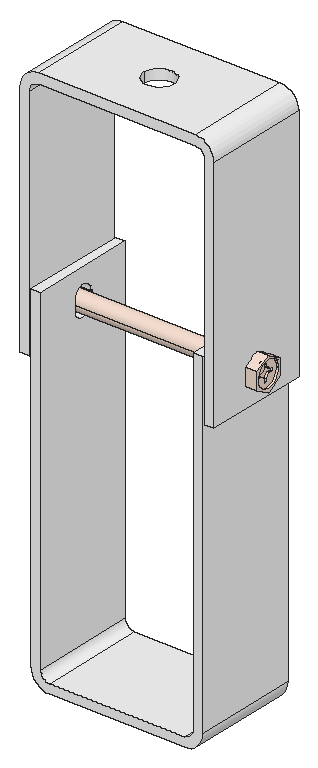
Revit family "boxhanger_100x50x20", category 機械設備, Revit 2022
Family settings
  丸型コネクタ寸法 = 直径を使用
  種別 = なし
  パーツ タイプ = 標準
  作業面ベース = いいえ
  常に垂直 = はい
  ロード時にボイドで切り取り = いいえ
  注釈の向きを維持 = いいえ
  共有 = いいえ
  部屋計算ポイント = いいえ
Parameters
  製造元 = "株式会社桐井製作所"
  既定の高さ = 0 mm
  URL = "https://www.kirii.co.jp/"
  K_角度 [instance] = 90.00°
  K_材質 = "SGHC　一般用"
  K_品名 = "100×50×20ボックスハンガー"
  K_名称 = "その他ハンガー"
  K_入数 = "50"
  K_バージョン情報 = "20211012"
  K_めっき付着量 = "Z12"
  K_JIS規格 = "JIS G 3302"
Reference planes
  plane 1 "中心(正面/背面)": y = 0
  plane 2: z = 0
  plane 3 "中心(左/右)": x = 0
Dimensions and locks
  "K_角度": angle nested 2 to plane 2
  aligned and locked: level to plane 2
Nested families
  nested 1: "100BOXハンガー上部金具" at (0, 0, 0), type "100BOXハンガー上部金具"
  nested 2: "100BOXハンガー下部金具" at (0, 0, 0), type "100BOXハンガー下部金具"
Definition of nested family "100BOXハンガー上部金具"
  Parameters (values of type "100BOXハンガー上部金具")
    Manufacturer = "株式会社桐井製作所"
    Default Elevation = 0 mm
    URL = "https://www.kirii.co.jp/"
    K_名称 = "100ボックスハンガー上部金具"
    K_バージョン情報 = "20211012"
  Reference planes
    plane 1 "中心(正面/背面)": y = 0
    plane 2: z = 0
    plane 3 "中心(左/右)": x = 0
  Forms (mm)
    Extrusion 1, solid
      sketch origin (0, 0, 0) x (1, 0, 0) y (0, 0, 1)
        loop
          arc (-26, 75) -> (-30.384, 73.184) -> (-32.2, 68.8) r 6.2
          line (-32.2, 68.8) -> (-32.2, -10) -> (-29, -10) -> (-29, 68.8)
          arc (-29, 68.8) -> (-28.121, 70.921) -> (-26, 71.8) r 3
          line (-26, 71.8) -> (26, 71.8)
          arc (26, 71.8) -> (28.121, 70.921) -> (29, 68.8) r 3
          line (29, 68.8) -> (29, -10) -> (32.2, -10) -> (32.2, 68.8)
          arc (32.2, 68.8) -> (30.384, 73.184) -> (26, 75) r 6.2
          line (26, 75) -> (-26, 75)
      from -17.5 to 17.5
    Extrusion 2, void
      sketch origin (0, 0, 0) x (0, 1, 0) y (0, 0, 1)
        loop
          arc (3.5, 1.5) -> (0, 5) -> (-3.5, 1.5) r 3.5
          line (-3.5, 1.5) -> (-3.5, -1.5)
          arc (-3.5, -1.5) -> (0, -5) -> (3.5, -1.5) r 3.5
          line (3.5, -1.5) -> (3.5, 1.5)
      from 29 to 32.2
    Extrusion 3, void
      sketch origin (-41.2, 0, 0) x (0, 1, 0) y (0, 0, 1)
        loop
          arc (3.5, 1.5) -> (0, 5) -> (-3.5, 1.5) r 3.5
          line (-3.5, 1.5) -> (-3.5, -1.5)
          arc (-3.5, -1.5) -> (0, -5) -> (3.5, -1.5) r 3.5
          line (3.5, -1.5) -> (3.5, 1.5)
      from 9 to 12.2
    Extrusion 4, void
      sketch origin (0, 0, 0) x (1, 0, 0) y (0, 1, 0)
        loop
          circle (0, 0) r 5
      from 71.8 to 75
  Cuts and joins
    Extrusion 2, Extrusion 3, Extrusion 4 cuts Extrusion 1
  Dimensions and locks
    aligned and locked: level to plane 2
Definition of nested family "100BOXハンガー下部金具"
  Parameters (values of type "100BOXハンガー下部金具")
    Manufacturer = "株式会社桐井製作所"
    Default Elevation = 0 mm
    URL = "https://www.kirii.co.jp/"
    K_名称 = "100ボックスハンガー下部金具"
    K_バージョン情報 = "20211012"
  Reference planes
    plane 1 "中心(正面/背面)": y = 0
    plane 2: z = 0
    plane 3 "中心(左/右)": x = 0
  Forms (mm)
    Extrusion 1, solid
      sketch origin (0, 0, 10.261) x (1, 0, 0) y (0, 0, 1)
        loop
          arc (-22.35, -115.261) -> (-24.471, -114.383) -> (-25.35, -112.261) r 3
          line (-25.35, -112.261) -> (-25.35, -0.261) -> (-28.55, -0.261) -> (-28.55, -112.261)
          arc (-28.55, -112.261) -> (-26.734, -116.645) -> (-22.35, -118.461) r 6.2
          line (-22.35, -118.461) -> (22.35, -118.461)
          arc (22.35, -118.461) -> (26.734, -116.645) -> (28.55, -112.261) r 6.2
          line (28.55, -112.261) -> (28.55, -0.261) -> (25.35, -0.261) -> (25.35, -112.261)
          arc (25.35, -112.261) -> (24.471, -114.383) -> (22.35, -115.261) r 3
          line (22.35, -115.261) -> (-22.35, -115.261)
      from -17.5 to 17.5
    Extrusion 2, void
      sketch origin (0, 0, 0) x (0, 1, 0) y (0, 0, 1)
        loop
          arc (3.5, 1.5) -> (0, 5) -> (-3.5, 1.5) r 3.5
          line (-3.5, 1.5) -> (-3.5, -1.5)
          arc (-3.5, -1.5) -> (0, -5) -> (3.5, -1.5) r 3.5
          line (3.5, -1.5) -> (3.5, 1.5)
      from 25.35 to 28.55
    Extrusion 3, void
      sketch origin (-34.2, 0, 0) x (0, 1, 0) y (0, 0, 1)
        loop
          arc (3.5, 1.5) -> (0, 5) -> (-3.5, 1.5) r 3.5
          line (-3.5, 1.5) -> (-3.5, -1.5)
          arc (-3.5, -1.5) -> (0, -5) -> (3.5, -1.5) r 3.5
          line (3.5, -1.5) -> (3.5, 1.5)
      from 5.65 to 8.85
  Cuts and joins
    Extrusion 2, Extrusion 3 cuts Extrusion 1
  Dimensions and locks
    aligned and locked: level to plane 2
  Nested families
    nested 1: "M6ナット" at (-36.2, 0.011, 0) x (0, 1, 0) z (0, 0, 1), type "M6ナット"
    nested 2: "M6×70ボルト" at (32.2, 0.011, 0) x (0, 1, 0) z (0, 0, 1), type "M6×70ボルト"
  Definition of nested family "M6ナット"
    Parameters (values of type "M6ナット")
      Manufacturer = "株式会社桐井製作所"
      Default Elevation = 0 mm
      URL = "https://www.kirii.co.jp/"
      K_名称 = "M6ナット"
    Reference planes
      plane 1 "中心(正面/背面)": y = 0
      plane 2: z = 0
      plane 3 "中心(左/右)": x = 0
      plane 4 "正面": y = -4
    Forms (mm)
      Extrusion 1, solid
        sketch origin (0, 0, 0) x (1, 0, 0) y (0, 0, 1)
          loop
            line (-4.763, -2.946) -> (0, -5.696) -> (4.763, -2.946) -> (4.763, 2.554) -> (0, 5.304) -> (-4.763, 2.554) -> (-4.763, -2.946)
        from 0 to 4
      Extrusion 2, void
        sketch origin (0, 0, 0) x (1, 0, 0) y (0, 0, 1)
          loop
            circle (-0.011, -0.2) r 3
        from 0 to 4
    Cuts and joins
      Extrusion 2 cuts Extrusion 1
    Dimensions and locks
      aligned and locked: level to plane 2
  Definition of nested family "M6×70ボルト"
    Parameters (values of type "M6×70ボルト")
      Manufacturer = "株式会社桐井製作所"
      Default Elevation = 0 mm
      URL = "https://www.kirii.co.jp/"
      K_名称 = "M6×70ボルト"
    Reference planes
      plane 1 "中心(正面/背面)": y = 0
      plane 2: z = 0
      plane 3 "中心(左/右)": x = 0
      plane 4 "正面": y = -4
    Forms (mm)
      Extrusion 1, solid
        sketch origin (0, 0, 0) x (1, 0, 0) y (0, 0, 1)
          loop
            line (-4.763, -2.946) -> (0, -5.696) -> (4.763, -2.946) -> (4.763, 2.554) -> (0, 5.304) -> (-4.763, 2.554) -> (-4.763, -2.946)
        from 0 to 4
      Extrusion 2, void
        sketch origin (0, -4, 0) x (-1, 0, 0) y (0, 0, 1)
          loop
            circle (0, -0.156) r 4.396
        from 0 to 1
      Extrusion 3, void
        sketch origin (0, -4, 0) x (-1, 0, 0) y (0, 0, 1)
          loop
            arc (-0.6, 1.814) -> (-1.069, 0.856) -> (-2.036, 0.404) r 1.605
            line (-2.036, 0.404) -> (-2.939, 0.404)
            arc (-2.939, 0.404) -> (-3, -0.195) -> (-2.94, -0.795) r 3
            line (-2.94, -0.795) -> (-2.049, -0.795)
            arc (-2.049, -0.795) -> (-1.074, -1.243) -> (-0.6, -2.206) r 1.605
            line (-0.6, -2.206) -> (-0.6, -3.135)
            arc (-0.6, -3.135) -> (0, -3.196) -> (0.6, -3.135) r 3
            line (0.6, -3.135) -> (0.6, -2.206)
            arc (0.6, -2.206) -> (1.074, -1.243) -> (2.049, -0.795) r 1.605
            line (2.049, -0.795) -> (2.94, -0.795)
            arc (2.94, -0.795) -> (3, -0.198) -> (2.941, 0.398) r 3
            line (2.941, 0.398) -> (2.117, 0.398)
            arc (2.117, 0.398) -> (1.098, 0.828) -> (0.6, 1.814) r 1.605
            line (0.6, 1.814) -> (0.6, 2.743)
            arc (0.6, 2.743) -> (0, 2.804) -> (-0.6, 2.743) r 3
            line (-0.6, 2.743) -> (-0.6, 1.814)
        from 0 to 2
      Extrusion 4, solid
        sketch origin (0, 0, 0) x (1, 0, 0) y (0, 0, 1)
          loop
            circle (-0.011, -0.2) r 3
        from 0 to -70
    Cuts and joins
      Extrusion 2, Extrusion 3 cuts Extrusion 1
      joined: Extrusion 1, Extrusion 4
    Dimensions and locks
      aligned and locked: level to plane 2
